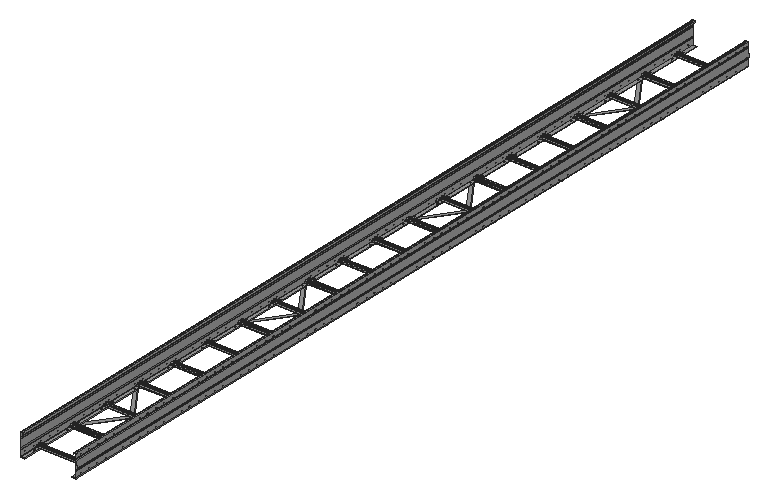
Revit family "WKLG1640", category Generic Models, Revit 2017
Family settings
  Can host rebar = No
  Round Connector Dimension = Use Diameter
  Part Type = Normal
  Work Plane-Based = No
  Always vertical = Yes
  Cut with Voids When Loaded = No
  Shared = No
  Room Calculation Point = No
Parameters (values of type "WKLG 1640 FT SO")
  Width/2 = 400 mm / 2  # 200 mm
  Width 1 = 35 mm
  Width = 400 mm
  URL = "http://obo-bettermann.com"
  Material = Hot-dip galvanised 85 µm
  Manufacturer Art.No. = "7189044"
  Manufacturer = "OBO Bettermann"
  Length = 6000 mm
  Height 1 = 2 mm
  Height = 160 mm
  GTIN = "4012195888543"
  Cut's space 3 = 1500 mm
  Cut's space 2 = 300 mm
  Cut's space = 75 mm
  Cut's number 3 = Length / Cut's space 3  # 4
  Cut's number 2 = Length / Cut's space 2  # 20
  Cut's number = Length / Cut's space  # 80
  Article Type = "WKLG 1640 FT SO"
Reference planes
  plane 1 "Center (Front/Back)": y = 0
  plane 2: z = 0
  plane 3 "Center (Left/Right)": x = 0
  plane 4: x = 199.684
  plane 5: z = 122
  plane 6: z = 52
  plane 7: x = 195.017
  plane 8: x = 200
  plane 9: x = -199.684
  plane 10: z = 122
  plane 11: z = 52
  plane 12: x = -195.017
  plane 13: x = -200
  plane 14: z = 20
  plane 15: y = 37.5
  plane 16: z = 140.031
  plane 17: z = 160.031
  plane 18: y = 37.5
  plane 19: y = 112.5
  plane 20: y = 187.5
  plane 21: y = 262.5
  plane 22: y = 337.5
  plane 23: y = 412.5
  plane 24: y = 487.5
  plane 25: y = 562.5
  plane 26: y = 637.5
  plane 27: y = 712.5
  plane 28: y = 787.5
  plane 29: y = 862.5
  plane 30: y = 937.5
  plane 31: y = 1012.5
  plane 32: y = 1087.5
  plane 33: y = 1162.5
  plane 34: y = 1237.5
  plane 35: y = 1312.5
  plane 36: y = 1387.5
  plane 37: y = 1462.5
  plane 38: y = 1537.5
  plane 39: y = 1612.5
  plane 40: y = 1687.5
  plane 41: y = 1762.5
  plane 42: y = 1837.5
  plane 43: y = 1912.5
  plane 44: y = 1987.5
  plane 45: y = 2062.5
  plane 46: y = 2137.5
  plane 47: y = 2212.5
  plane 48: y = 2287.5
  plane 49: y = 2362.5
  plane 50: y = 2437.5
  plane 51: y = 2512.5
  plane 52: y = 2587.5
  plane 53: y = 2662.5
  plane 54: y = 2737.5
  plane 55: y = 2812.5
  plane 56: y = 2887.5
  plane 57: y = 2962.5
  plane 58: y = 3037.5
  plane 59: y = 3112.5
  plane 60: y = 3187.5
  plane 61: y = 3262.5
  plane 62: y = 3337.5
  plane 63: y = 3412.5
  plane 64: y = 3487.5
  plane 65: y = 3562.5
  plane 66: y = 3637.5
  plane 67: y = 3712.5
  plane 68: y = 3787.5
  plane 69: y = 3862.5
  plane 70: y = 3937.5
  plane 71: y = 4012.5
  plane 72: y = 4087.5
  plane 73: y = 4162.5
  plane 74: y = 4237.5
  plane 75: y = 4312.5
  plane 76: y = 4387.5
  plane 77: y = 4462.5
  plane 78: y = 4537.5
  plane 79: y = 4612.5
  plane 80: y = 4687.5
  plane 81: y = 4762.5
  plane 82: y = 4837.5
  plane 83: y = 4912.5
  plane 84: y = 4987.5
  plane 85: y = 5062.5
  plane 86: y = 5137.5
  plane 87: y = 5212.5
  plane 88: y = 5287.5
  plane 89: y = 5362.5
  plane 90: y = 5437.5
  plane 91: y = 5512.5
  plane 92: y = 5587.5
  plane 93: y = 5662.5
  plane 94: y = 5737.5
  plane 95: y = 5812.5
  plane 96: y = 5887.5
  plane 97: y = 5962.5
  plane 98: y = 37.5
  plane 99: y = 112.5
  plane 100: y = 187.5
  plane 101: y = 262.5
  plane 102: y = 337.5
  plane 103: y = 412.5
  plane 104: y = 487.5
  plane 105: y = 562.5
  plane 106: y = 637.5
  plane 107: y = 712.5
  plane 108: y = 787.5
  plane 109: y = 862.5
  plane 110: y = 937.5
  plane 111: y = 1012.5
  plane 112: y = 1087.5
  plane 113: y = 1162.5
  plane 114: y = 1237.5
  plane 115: y = 1312.5
  plane 116: y = 1387.5
  plane 117: y = 1462.5
  plane 118: y = 1537.5
  plane 119: y = 1612.5
  plane 120: y = 1687.5
  plane 121: y = 1762.5
  plane 122: y = 1837.5
  plane 123: y = 1912.5
  plane 124: y = 1987.5
  plane 125: y = 2062.5
  plane 126: y = 2137.5
  plane 127: y = 2212.5
  plane 128: y = 2287.5
  plane 129: y = 2362.5
  plane 130: y = 2437.5
  plane 131: y = 2512.5
  plane 132: y = 2587.5
  plane 133: y = 2662.5
  plane 134: y = 2737.5
  plane 135: y = 2812.5
  plane 136: y = 2887.5
  plane 137: y = 2962.5
  plane 138: y = 3037.5
  plane 139: y = 3112.5
  plane 140: y = 3187.5
  plane 141: y = 3262.5
  plane 142: y = 3337.5
  plane 143: y = 3412.5
  plane 144: y = 3487.5
  plane 145: y = 3562.5
  plane 146: y = 3637.5
  plane 147: y = 3712.5
  plane 148: y = 3787.5
  plane 149: y = 3862.5
  plane 150: y = 3937.5
  plane 151: y = 4012.5
  plane 152: y = 4087.5
  plane 153: y = 4162.5
  plane 154: y = 4237.5
  plane 155: y = 4312.5
  plane 156: y = 4387.5
  plane 157: y = 4462.5
  plane 158: y = 4537.5
  plane 159: y = 4612.5
  plane 160: y = 4687.5
  plane 161: y = 4762.5
  plane 162: y = 4837.5
  plane 163: y = 4912.5
  plane 164: y = 4987.5
  plane 165: y = 5062.5
  plane 166: y = 5137.5
  plane 167: y = 5212.5
  plane 168: y = 5287.5
  plane 169: y = 5362.5
  plane 170: y = 5437.5
  plane 171: y = 5512.5
  plane 172: y = 5587.5
  plane 173: y = 5662.5
  plane 174: y = 5737.5
  plane 175: y = 5812.5
  plane 176: y = 5887.5
  plane 177: y = 5962.5
  plane 178: y = 150
  plane 179: y = 450
  plane 180: z = 18
  plane 181: x = 211.527
  plane 182: y = 100
  plane 183: y = 200
  plane 184: x = -181.99
  plane 185: x = -184.49
  plane 186: x = -184.49
  plane 187: x = -184.49
  plane 188: x = -184.49
  plane 189: x = -184.49
  plane 190: x = -184.49
  plane 191: x = -184.49
  plane 192: x = -184.49
  plane 193: x = -184.49
  plane 194: x = -184.49
  plane 195: x = -184.49
  plane 196: x = -184.49
  plane 197: x = -184.49
  plane 198: x = -184.49
  plane 199: x = -184.49
  plane 200: x = -184.49
  plane 201: x = -184.49
  plane 202: x = -184.49
  plane 203: x = -184.49
  plane 204: x = -184.49
  plane 205: x = -181.99
  plane 206: x = -184.49
  plane 207: x = -184.49
  plane 208: x = -184.49
  plane 209: x = -184.49
  plane 210: x = -184.49
  plane 211: x = -184.49
  plane 212: x = -184.49
  plane 213: x = -184.49
  plane 214: x = -184.49
  plane 215: x = -184.49
  plane 216: x = -184.49
  plane 217: x = -184.49
  plane 218: x = -184.49
  plane 219: x = -184.49
  plane 220: x = -184.49
  plane 221: x = -184.49
  plane 222: x = -184.49
  plane 223: x = -184.49
  plane 224: x = -184.49
  plane 225: x = -184.49
  plane 226: x = -184.49
  plane 227: y = 100
  plane 228: x = 181.99
  plane 229: x = 184.49
  plane 230: y = 200
  plane 231: x = 181.99
  plane 232: x = 184.49
  plane 233: x = 184.49
  plane 234: x = 184.49
  plane 235: x = 184.49
  plane 236: x = 184.49
  plane 237: x = 184.49
  plane 238: x = 184.49
  plane 239: x = 184.49
  plane 240: x = 184.49
  plane 241: x = 184.49
  plane 242: x = 184.49
  plane 243: x = 184.49
  plane 244: x = 184.49
  plane 245: x = 184.49
  plane 246: x = 184.49
  plane 247: x = 184.49
  plane 248: x = 184.49
  plane 249: x = 184.49
  plane 250: x = 184.49
  plane 251: x = 184.49
  plane 252: x = -187.49
  plane 253: x = -157.49
  plane 254: x = 187.49
  plane 255: x = 157.49
  plane 256: x = 160.99
  plane 257: x = 190.117
  plane 258: x = -154.085
  plane 259: x = -190.24
  plane 260: z = 18
  plane 261: z = 18
  plane 262: x = -157.49
  plane 263: x = 187.49
  plane 264: x = 157.49
  plane 265: x = 160.99
  plane 266: x = 190.117
  plane 267: x = -154.085
  plane 268: x = -190.24
  plane 269: z = 18
  plane 270: x = -157.49
  plane 271: x = 187.49
  plane 272: x = 157.49
  plane 273: x = 160.99
  plane 274: x = 190.117
  plane 275: x = -154.085
  plane 276: x = -190.24
  plane 277: z = 18
  plane 278: x = -157.49
  plane 279: x = 187.49
  plane 280: x = 157.49
  plane 281: x = 160.99
  plane 282: x = 190.117
  plane 283: x = -154.085
  plane 284: x = -190.24
  plane 285: z = 18
  plane 286: x = -157.49
  plane 287: x = 187.49
  plane 288: x = 157.49
  plane 289: x = 160.99
  plane 290: x = 190.117
  plane 291: x = -154.085
  plane 292: x = -190.24
  plane 293: z = 18
  plane 294: x = -157.49
  plane 295: x = 187.49
  plane 296: x = 157.49
  plane 297: x = 160.99
  plane 298: x = 190.117
  plane 299: x = -154.085
  plane 300: x = -190.24
  plane 301: z = 18
  plane 302: x = -157.49
  plane 303: x = 187.49
  plane 304: x = 157.49
  plane 305: x = 160.99
  plane 306: x = 190.117
  plane 307: x = -154.085
  plane 308: x = -190.24
  plane 309: z = 18
  plane 310: x = -157.49
  plane 311: x = 187.49
  plane 312: x = 157.49
  plane 313: x = 160.99
  plane 314: x = 190.117
  plane 315: x = -154.085
  plane 316: x = -190.24
  plane 317: z = 18
  plane 318: x = -157.49
  plane 319: x = 187.49
  plane 320: x = 157.49
  plane 321: x = 160.99
  plane 322: x = 190.117
  plane 323: x = -154.085
  plane 324: x = -190.24
  plane 325: z = 18
  plane 326: x = -157.49
  plane 327: x = 187.49
  plane 328: x = 157.49
  plane 329: x = 160.99
  plane 330: x = 190.117
  plane 331: x = -154.085
  plane 332: x = -190.24
  plane 333: z = 18
  plane 334: x = -157.49
  plane 335: x = 187.49
  plane 336: x = 157.49
  plane 337: x = 160.99
  plane 338: x = 190.117
  plane 339: x = -154.085
  plane 340: x = -190.24
  plane 341: z = 18
  plane 342: x = -157.49
  plane 343: x = 187.49
  plane 344: x = 157.49
  plane 345: x = 160.99
  plane 346: x = 190.117
  plane 347: x = -154.085
  plane 348: x = -190.24
  plane 349: z = 18
  plane 350: x = -157.49
  plane 351: x = 187.49
  plane 352: x = 157.49
  plane 353: x = 160.99
  plane 354: x = 190.117
  plane 355: x = -154.085
  plane 356: x = -190.24
  plane 357: z = 18
  plane 358: x = -157.49
  plane 359: x = 187.49
  plane 360: x = 157.49
  plane 361: x = 160.99
  plane 362: x = 190.117
  plane 363: x = -154.085
  plane 364: x = -190.24
  plane 365: z = 18
  plane 366: x = -157.49
  plane 367: x = 187.49
  plane 368: x = 157.49
  plane 369: x = 160.99
  plane 370: x = 190.117
  plane 371: x = -154.085
  plane 372: x = -190.24
  plane 373: z = 18
  plane 374: x = -157.49
  plane 375: x = 187.49
  plane 376: x = 157.49
  plane 377: x = 160.99
  plane 378: x = 190.117
  plane 379: x = -154.085
  plane 380: x = -190.24
  plane 381: z = 18
  plane 382: x = -157.49
  plane 383: x = 187.49
  plane 384: x = 157.49
  plane 385: x = 160.99
  plane 386: x = 190.117
  plane 387: x = -154.085
  plane 388: x = -190.24
  plane 389: z = 18
  plane 390: x = -157.49
  plane 391: x = 187.49
  plane 392: x = 157.49
  plane 393: x = 160.99
  plane 394: x = 190.117
  plane 395: x = -154.085
  plane 396: x = -190.24
  plane 397: z = 18
  plane 398: x = -157.49
  plane 399: x = 187.49
  plane 400: x = 157.49
  plane 401: x = 160.99
  plane 402: x = 190.117
  plane 403: x = -154.085
  plane 404: x = -190.24
  plane 405: z = 18
  plane 406: x = -157.49
  plane 407: x = 187.49
  plane 408: x = 157.49
  plane 409: x = 160.99
  plane 410: x = 190.117
  plane 411: x = -154.085
  plane 412: x = -190.24
Forms (mm)
  Extrusion 1, solid, material "Hot-dip galvanised 85 µm" <- "Material"
    sketch origin (49.684, 0, 0) x (1, 0, 0) y (0, 0, 1)
      loop
        line (130, 150) -> (132, 150) -> (132, 157)
        arc (132, 157) -> (132.293, 157.707) -> (133, 158) r 1
        line (133, 158) -> (147, 158)
        arc (147, 158) -> (147.707, 157.707) -> (148, 157) r 1
        line (148, 157) -> (148, 129.13)
        arc (148, 129.13) -> (147.908, 128.528) -> (147.639, 127.983) r 2
        line (147.639, 127.983) -> (146.522, 126.387)
        arc (146.522, 126.387) -> (145.265, 122.029) -> (146.944, 117.816) r 6.999
        line (146.944, 117.816) -> (147.725, 117.038)
        arc (147.725, 117.038) -> (148.162, 116.387) -> (148.316, 115.618) r 2.004
        line (148.316, 115.618) -> (148.316, 59.74)
        arc (148.316, 59.74) -> (148.24, 59.196) -> (148.019, 58.692) r 2
        line (148.019, 58.692) -> (146.548, 56.3)
        arc (146.548, 56.3) -> (145.529, 52.12) -> (147.148, 48.133) r 7
        line (147.148, 48.133) -> (147.838, 47.312)
        arc (147.838, 47.312) -> (148.185, 46.71) -> (148.305, 46.026) r 2
        line (148.305, 46.026) -> (148.305, 3.5)
        arc (148.305, 3.5) -> (147.866, 2.439) -> (146.805, 2) r 1.5
        line (146.805, 2) -> (115, 2) -> (115, 0) -> (147.305, 0)
        arc (147.305, 0) -> (149.427, 0.879) -> (150.305, 3) r 3
        line (150.305, 3) -> (150.305, 46.026)
        arc (150.305, 46.026) -> (150.064, 47.394) -> (149.37, 48.597) r 4
        line (149.37, 48.597) -> (148.68, 49.419)
        arc (148.68, 49.419) -> (147.524, 52.266) -> (148.251, 55.252) r 5
        line (148.251, 55.252) -> (149.723, 57.645)
        arc (149.723, 57.645) -> (150.165, 58.651) -> (150.316, 59.74) r 4
        line (150.316, 59.74) -> (150.316, 115.618)
        arc (150.316, 115.618) -> (150.001, 117.152) -> (149.134, 118.45) r 4
        line (149.134, 118.45) -> (148.415, 119.169)
        arc (148.415, 119.169) -> (147.259, 122.161) -> (148.159, 125.239) r 5
        line (148.159, 125.239) -> (149.277, 126.836)
        arc (149.277, 126.836) -> (149.815, 127.927) -> (150, 129.13) r 4
        line (150, 129.13) -> (150, 157)
        arc (150, 157) -> (149.121, 159.121) -> (147, 160) r 3
        line (147, 160) -> (133, 160)
        arc (133, 160) -> (130.879, 159.121) -> (130, 157) r 3
        line (130, 157) -> (130, 150)
    from -6000 to 0
  Extrusion 2, solid, material "Hot-dip galvanised 85 µm" <- "Material"
    sketch origin (-49.684, 0, 0) x (-1, 0, 0) y (0, 0, -1)
      loop
        line (130, -150) -> (130, -157)
        arc (130, -157) -> (130.879, -159.121) -> (133, -160) r 3
        line (133, -160) -> (147, -160)
        arc (147, -160) -> (149.121, -159.121) -> (150, -157) r 3
        line (150, -157) -> (150, -129.13)
        arc (150, -129.13) -> (149.815, -127.927) -> (149.277, -126.836) r 4
        line (149.277, -126.836) -> (148.159, -125.239)
        arc (148.159, -125.239) -> (147.259, -122.161) -> (148.415, -119.169) r 5
        line (148.415, -119.169) -> (149.134, -118.45)
        arc (149.134, -118.45) -> (150.001, -117.152) -> (150.316, -115.618) r 4
        line (150.316, -115.618) -> (150.316, -59.74)
        arc (150.316, -59.74) -> (150.165, -58.651) -> (149.723, -57.645) r 4
        line (149.723, -57.645) -> (148.251, -55.252)
        arc (148.251, -55.252) -> (147.524, -52.266) -> (148.68, -49.419) r 5
        line (148.68, -49.419) -> (149.37, -48.597)
        arc (149.37, -48.597) -> (150.064, -47.394) -> (150.305, -46.026) r 4
        line (150.305, -46.026) -> (150.305, -3)
        arc (150.305, -3) -> (149.427, -0.879) -> (147.305, 0) r 3
        line (147.305, 0) -> (115, 0) -> (115, -2) -> (146.805, -2)
        arc (146.805, -2) -> (147.866, -2.439) -> (148.305, -3.5) r 1.5
        line (148.305, -3.5) -> (148.305, -46.026)
        arc (148.305, -46.026) -> (148.185, -46.71) -> (147.838, -47.312) r 2
        line (147.838, -47.312) -> (147.148, -48.133)
        arc (147.148, -48.133) -> (145.529, -52.12) -> (146.548, -56.3) r 7
        line (146.548, -56.3) -> (148.019, -58.692)
        arc (148.019, -58.692) -> (148.24, -59.196) -> (148.316, -59.74) r 2
        line (148.316, -59.74) -> (148.316, -115.618)
        arc (148.316, -115.618) -> (148.162, -116.387) -> (147.725, -117.038) r 2.004
        line (147.725, -117.038) -> (146.944, -117.816)
        arc (146.944, -117.816) -> (145.265, -122.029) -> (146.522, -126.387) r 6.999
        line (146.522, -126.387) -> (147.639, -127.983)
        arc (147.639, -127.983) -> (147.908, -128.528) -> (148, -129.13) r 2
        line (148, -129.13) -> (148, -157)
        arc (148, -157) -> (147.707, -157.707) -> (147, -158) r 1
        line (147, -158) -> (133, -158)
        arc (133, -158) -> (132.293, -157.707) -> (132, -157) r 1
        line (132, -157) -> (132, -150) -> (130, -150)
    from -6000 to 0
  Extrusion 3, void
    sketch origin (0, 0, 0) x (0, 1, 0) y (0, 0, 1)
      loop
        arc (25.5, 24.5) -> (25.146, 24.354) -> (25, 24) r 0.5
        line (25, 24) -> (25, 16)
        arc (25, 16) -> (25.146, 15.646) -> (25.5, 15.5) r 0.5
        line (25.5, 15.5) -> (49.5, 15.5)
        arc (49.5, 15.5) -> (49.854, 15.646) -> (50, 16) r 0.5
        line (50, 16) -> (50, 23.963)
        arc (50, 23.963) -> (49.843, 24.343) -> (49.463, 24.5) r 0.537
        line (49.463, 24.5) -> (25.5, 24.5)
    from 198 to 199.99
  Extrusion 4, void
    sketch origin (0, 75, 0) x (0, 1, 0) y (0, 0, 1)
      loop
        arc (25.5, 24.5) -> (25.146, 24.354) -> (25, 24) r 0.5
        line (25, 24) -> (25, 16)
        arc (25, 16) -> (25.146, 15.646) -> (25.5, 15.5) r 0.5
        line (25.5, 15.5) -> (49.5, 15.5)
        arc (49.5, 15.5) -> (49.854, 15.646) -> (50, 16) r 0.5
        line (50, 16) -> (50, 23.963)
        arc (50, 23.963) -> (49.843, 24.343) -> (49.463, 24.5) r 0.537
        line (49.463, 24.5) -> (25.5, 24.5)
    from 198 to 199.99
  Extrusion 5, void
    sketch origin (0, 150, 0) x (0, 1, 0) y (0, 0, 1)
      loop
        arc (25.5, 24.5) -> (25.146, 24.354) -> (25, 24) r 0.5
        line (25, 24) -> (25, 16)
        arc (25, 16) -> (25.146, 15.646) -> (25.5, 15.5) r 0.5
        line (25.5, 15.5) -> (49.5, 15.5)
        arc (49.5, 15.5) -> (49.854, 15.646) -> (50, 16) r 0.5
        line (50, 16) -> (50, 23.963)
        arc (50, 23.963) -> (49.843, 24.343) -> (49.463, 24.5) r 0.537
        line (49.463, 24.5) -> (25.5, 24.5)
    from 198 to 199.99
  Extrusion 6, void
    sketch origin (0, 225, 0) x (0, 1, 0) y (0, 0, 1)
      loop
        arc (25.5, 24.5) -> (25.146, 24.354) -> (25, 24) r 0.5
        line (25, 24) -> (25, 16)
        arc (25, 16) -> (25.146, 15.646) -> (25.5, 15.5) r 0.5
        line (25.5, 15.5) -> (49.5, 15.5)
        arc (49.5, 15.5) -> (49.854, 15.646) -> (50, 16) r 0.5
        line (50, 16) -> (50, 23.963)
        arc (50, 23.963) -> (49.843, 24.343) -> (49.463, 24.5) r 0.537
        line (49.463, 24.5) -> (25.5, 24.5)
    from 198 to 199.99
  Extrusion 7, void
    sketch origin (0, 300, 0) x (0, 1, 0) y (0, 0, 1)
      loop
        arc (25.5, 24.5) -> (25.146, 24.354) -> (25, 24) r 0.5
        line (25, 24) -> (25, 16)
        arc (25, 16) -> (25.146, 15.646) -> (25.5, 15.5) r 0.5
        line (25.5, 15.5) -> (49.5, 15.5)
        arc (49.5, 15.5) -> (49.854, 15.646) -> (50, 16) r 0.5
        line (50, 16) -> (50, 23.963)
        arc (50, 23.963) -> (49.843, 24.343) -> (49.463, 24.5) r 0.537
        line (49.463, 24.5) -> (25.5, 24.5)
    from 198 to 199.99
  Extrusion 8, void
    sketch origin (0, 375, 0) x (0, 1, 0) y (0, 0, 1)
      loop
        arc (25.5, 24.5) -> (25.146, 24.354) -> (25, 24) r 0.5
        line (25, 24) -> (25, 16)
        arc (25, 16) -> (25.146, 15.646) -> (25.5, 15.5) r 0.5
        line (25.5, 15.5) -> (49.5, 15.5)
        arc (49.5, 15.5) -> (49.854, 15.646) -> (50, 16) r 0.5
        line (50, 16) -> (50, 23.963)
        arc (50, 23.963) -> (49.843, 24.343) -> (49.463, 24.5) r 0.537
        line (49.463, 24.5) -> (25.5, 24.5)
    from 198 to 199.99
  Extrusion 9, void
    sketch origin (0, 450, 0) x (0, 1, 0) y (0, 0, 1)
      loop
        arc (25.5, 24.5) -> (25.146, 24.354) -> (25, 24) r 0.5
        line (25, 24) -> (25, 16)
        arc (25, 16) -> (25.146, 15.646) -> (25.5, 15.5) r 0.5
        line (25.5, 15.5) -> (49.5, 15.5)
        arc (49.5, 15.5) -> (49.854, 15.646) -> (50, 16) r 0.5
        line (50, 16) -> (50, 23.963)
        arc (50, 23.963) -> (49.843, 24.343) -> (49.463, 24.5) r 0.537
        line (49.463, 24.5) -> (25.5, 24.5)
    from 198 to 199.99
  Extrusion 10, void
    sketch origin (0, 525, 0) x (0, 1, 0) y (0, 0, 1)
      loop
        arc (25.5, 24.5) -> (25.146, 24.354) -> (25, 24) r 0.5
        line (25, 24) -> (25, 16)
        arc (25, 16) -> (25.146, 15.646) -> (25.5, 15.5) r 0.5
        line (25.5, 15.5) -> (49.5, 15.5)
        arc (49.5, 15.5) -> (49.854, 15.646) -> (50, 16) r 0.5
        line (50, 16) -> (50, 23.963)
        arc (50, 23.963) -> (49.843, 24.343) -> (49.463, 24.5) r 0.537
        line (49.463, 24.5) -> (25.5, 24.5)
    from 198 to 199.99
  Extrusion 11, void
    sketch origin (0, 600, 0) x (0, 1, 0) y (0, 0, 1)
      loop
        arc (25.5, 24.5) -> (25.146, 24.354) -> (25, 24) r 0.5
        line (25, 24) -> (25, 16)
        arc (25, 16) -> (25.146, 15.646) -> (25.5, 15.5) r 0.5
        line (25.5, 15.5) -> (49.5, 15.5)
        arc (49.5, 15.5) -> (49.854, 15.646) -> (50, 16) r 0.5
        line (50, 16) -> (50, 23.963)
        arc (50, 23.963) -> (49.843, 24.343) -> (49.463, 24.5) r 0.537
        line (49.463, 24.5) -> (25.5, 24.5)
    from 198 to 199.99
  Extrusion 12, void
    sketch origin (0, 675, 0) x (0, 1, 0) y (0, 0, 1)
      loop
        arc (25.5, 24.5) -> (25.146, 24.354) -> (25, 24) r 0.5
        line (25, 24) -> (25, 16)
        arc (25, 16) -> (25.146, 15.646) -> (25.5, 15.5) r 0.5
        line (25.5, 15.5) -> (49.5, 15.5)
        arc (49.5, 15.5) -> (49.854, 15.646) -> (50, 16) r 0.5
        line (50, 16) -> (50, 23.963)
        arc (50, 23.963) -> (49.843, 24.343) -> (49.463, 24.5) r 0.537
        line (49.463, 24.5) -> (25.5, 24.5)
    from 198 to 199.99
  Extrusion 13, void
    sketch origin (0, 750, 0) x (0, 1, 0) y (0, 0, 1)
      loop
        arc (25.5, 24.5) -> (25.146, 24.354) -> (25, 24) r 0.5
        line (25, 24) -> (25, 16)
        arc (25, 16) -> (25.146, 15.646) -> (25.5, 15.5) r 0.5
        line (25.5, 15.5) -> (49.5, 15.5)
        arc (49.5, 15.5) -> (49.854, 15.646) -> (50, 16) r 0.5
        line (50, 16) -> (50, 23.963)
        arc (50, 23.963) -> (49.843, 24.343) -> (49.463, 24.5) r 0.537
        line (49.463, 24.5) -> (25.5, 24.5)
    from 198 to 199.99
  Extrusion 14, void
    sketch origin (0, 825, 0) x (0, 1, 0) y (0, 0, 1)
      loop
        arc (25.5, 24.5) -> (25.146, 24.354) -> (25, 24) r 0.5
        line (25, 24) -> (25, 16)
        arc (25, 16) -> (25.146, 15.646) -> (25.5, 15.5) r 0.5
        line (25.5, 15.5) -> (49.5, 15.5)
        arc (49.5, 15.5) -> (49.854, 15.646) -> (50, 16) r 0.5
        line (50, 16) -> (50, 23.963)
        arc (50, 23.963) -> (49.843, 24.343) -> (49.463, 24.5) r 0.537
        line (49.463, 24.5) -> (25.5, 24.5)
    from 198 to 199.99
  Extrusion 15, void
    sketch origin (0, 900, 0) x (0, 1, 0) y (0, 0, 1)
      loop
        arc (25.5, 24.5) -> (25.146, 24.354) -> (25, 24) r 0.5
        line (25, 24) -> (25, 16)
        arc (25, 16) -> (25.146, 15.646) -> (25.5, 15.5) r 0.5
        line (25.5, 15.5) -> (49.5, 15.5)
        arc (49.5, 15.5) -> (49.854, 15.646) -> (50, 16) r 0.5
        line (50, 16) -> (50, 23.963)
        arc (50, 23.963) -> (49.843, 24.343) -> (49.463, 24.5) r 0.537
        line (49.463, 24.5) -> (25.5, 24.5)
    from 198 to 199.99
  Extrusion 16, void
    sketch origin (0, 975, 0) x (0, 1, 0) y (0, 0, 1)
      loop
        arc (25.5, 24.5) -> (25.146, 24.354) -> (25, 24) r 0.5
        line (25, 24) -> (25, 16)
        arc (25, 16) -> (25.146, 15.646) -> (25.5, 15.5) r 0.5
        line (25.5, 15.5) -> (49.5, 15.5)
        arc (49.5, 15.5) -> (49.854, 15.646) -> (50, 16) r 0.5
        line (50, 16) -> (50, 23.963)
        arc (50, 23.963) -> (49.843, 24.343) -> (49.463, 24.5) r 0.537
        line (49.463, 24.5) -> (25.5, 24.5)
    from 198 to 199.99
  Extrusion 17, void
    sketch origin (0, 1050, 0) x (0, 1, 0) y (0, 0, 1)
      loop
        arc (25.5, 24.5) -> (25.146, 24.354) -> (25, 24) r 0.5
        line (25, 24) -> (25, 16)
        arc (25, 16) -> (25.146, 15.646) -> (25.5, 15.5) r 0.5
        line (25.5, 15.5) -> (49.5, 15.5)
        arc (49.5, 15.5) -> (49.854, 15.646) -> (50, 16) r 0.5
        line (50, 16) -> (50, 23.963)
        arc (50, 23.963) -> (49.843, 24.343) -> (49.463, 24.5) r 0.537
        line (49.463, 24.5) -> (25.5, 24.5)
    from 198 to 199.99
  Extrusion 18, void
    sketch origin (0, 1125, 0) x (0, 1, 0) y (0, 0, 1)
      loop
        arc (25.5, 24.5) -> (25.146, 24.354) -> (25, 24) r 0.5
        line (25, 24) -> (25, 16)
        arc (25, 16) -> (25.146, 15.646) -> (25.5, 15.5) r 0.5
        line (25.5, 15.5) -> (49.5, 15.5)
        arc (49.5, 15.5) -> (49.854, 15.646) -> (50, 16) r 0.5
        line (50, 16) -> (50, 23.963)
        arc (50, 23.963) -> (49.843, 24.343) -> (49.463, 24.5) r 0.537
        line (49.463, 24.5) -> (25.5, 24.5)
    from 198 to 199.99
  Extrusion 19, void
    sketch origin (0, 1200, 0) x (0, 1, 0) y (0, 0, 1)
      loop
        arc (25.5, 24.5) -> (25.146, 24.354) -> (25, 24) r 0.5
        line (25, 24) -> (25, 16)
        arc (25, 16) -> (25.146, 15.646) -> (25.5, 15.5) r 0.5
        line (25.5, 15.5) -> (49.5, 15.5)
        arc (49.5, 15.5) -> (49.854, 15.646) -> (50, 16) r 0.5
        line (50, 16) -> (50, 23.963)
        arc (50, 23.963) -> (49.843, 24.343) -> (49.463, 24.5) r 0.537
        line (49.463, 24.5) -> (25.5, 24.5)
    from 198 to 199.99
  Extrusion 20, void
    sketch origin (0, 1275, 0) x (0, 1, 0) y (0, 0, 1)
      loop
        arc (25.5, 24.5) -> (25.146, 24.354) -> (25, 24) r 0.5
        line (25, 24) -> (25, 16)
        arc (25, 16) -> (25.146, 15.646) -> (25.5, 15.5) r 0.5
        line (25.5, 15.5) -> (49.5, 15.5)
        arc (49.5, 15.5) -> (49.854, 15.646) -> (50, 16) r 0.5
        line (50, 16) -> (50, 23.963)
        arc (50, 23.963) -> (49.843, 24.343) -> (49.463, 24.5) r 0.537
        line (49.463, 24.5) -> (25.5, 24.5)
    from 198 to 199.99
  Extrusion 21, void
    sketch origin (0, 1350, 0) x (0, 1, 0) y (0, 0, 1)
      loop
        arc (25.5, 24.5) -> (25.146, 24.354) -> (25, 24) r 0.5
        line (25, 24) -> (25, 16)
        arc (25, 16) -> (25.146, 15.646) -> (25.5, 15.5) r 0.5
        line (25.5, 15.5) -> (49.5, 15.5)
        arc (49.5, 15.5) -> (49.854, 15.646) -> (50, 16) r 0.5
        line (50, 16) -> (50, 23.963)
        arc (50, 23.963) -> (49.843, 24.343) -> (49.463, 24.5) r 0.537
        line (49.463, 24.5) -> (25.5, 24.5)
    from 198 to 199.99
  Extrusion 22, void
    sketch origin (0, 1425, 0) x (0, 1, 0) y (0, 0, 1)
      loop
        arc (25.5, 24.5) -> (25.146, 24.354) -> (25, 24) r 0.5
        line (25, 24) -> (25, 16)
        arc (25, 16) -> (25.146, 15.646) -> (25.5, 15.5) r 0.5
        line (25.5, 15.5) -> (49.5, 15.5)
        arc (49.5, 15.5) -> (49.854, 15.646) -> (50, 16) r 0.5
        line (50, 16) -> (50, 23.963)
        arc (50, 23.963) -> (49.843, 24.343) -> (49.463, 24.5) r 0.537
        line (49.463, 24.5) -> (25.5, 24.5)
    from 198 to 199.99
  Extrusion 23, void
    sketch origin (0, 1500, 0) x (0, 1, 0) y (0, 0, 1)
      loop
        arc (25.5, 24.5) -> (25.146, 24.354) -> (25, 24) r 0.5
        line (25, 24) -> (25, 16)
        arc (25, 16) -> (25.146, 15.646) -> (25.5, 15.5) r 0.5
        line (25.5, 15.5) -> (49.5, 15.5)
        arc (49.5, 15.5) -> (49.854, 15.646) -> (50, 16) r 0.5
        line (50, 16) -> (50, 23.963)
        arc (50, 23.963) -> (49.843, 24.343) -> (49.463, 24.5) r 0.537
        line (49.463, 24.5) -> (25.5, 24.5)
    from 198 to 199.99
  Extrusion 24, void
    sketch origin (0, 1575, 0) x (0, 1, 0) y (0, 0, 1)
      loop
        arc (25.5, 24.5) -> (25.146, 24.354) -> (25, 24) r 0.5
        line (25, 24) -> (25, 16)
        arc (25, 16) -> (25.146, 15.646) -> (25.5, 15.5) r 0.5
        line (25.5, 15.5) -> (49.5, 15.5)
        arc (49.5, 15.5) -> (49.854, 15.646) -> (50, 16) r 0.5
        line (50, 16) -> (50, 23.963)
        arc (50, 23.963) -> (49.843, 24.343) -> (49.463, 24.5) r 0.537
        line (49.463, 24.5) -> (25.5, 24.5)
    from 198 to 199.99
  Extrusion 25, void
    sketch origin (0, 1650, 0) x (0, 1, 0) y (0, 0, 1)
      loop
        arc (25.5, 24.5) -> (25.146, 24.354) -> (25, 24) r 0.5
        line (25, 24) -> (25, 16)
        arc (25, 16) -> (25.146, 15.646) -> (25.5, 15.5) r 0.5
        line (25.5, 15.5) -> (49.5, 15.5)
        arc (49.5, 15.5) -> (49.854, 15.646) -> (50, 16) r 0.5
        line (50, 16) -> (50, 23.963)
        arc (50, 23.963) -> (49.843, 24.343) -> (49.463, 24.5) r 0.537
        line (49.463, 24.5) -> (25.5, 24.5)
    from 198 to 199.99
  Extrusion 26, void
    sketch origin (0, 1725, 0) x (0, 1, 0) y (0, 0, 1)
      loop
        arc (25.5, 24.5) -> (25.146, 24.354) -> (25, 24) r 0.5
        line (25, 24) -> (25, 16)
        arc (25, 16) -> (25.146, 15.646) -> (25.5, 15.5) r 0.5
        line (25.5, 15.5) -> (49.5, 15.5)
        arc (49.5, 15.5) -> (49.854, 15.646) -> (50, 16) r 0.5
        line (50, 16) -> (50, 23.963)
        arc (50, 23.963) -> (49.843, 24.343) -> (49.463, 24.5) r 0.537
        line (49.463, 24.5) -> (25.5, 24.5)
    from 198 to 199.99
  Extrusion 27, void
    sketch origin (0, 1800, 0) x (0, 1, 0) y (0, 0, 1)
      loop
        arc (25.5, 24.5) -> (25.146, 24.354) -> (25, 24) r 0.5
        line (25, 24) -> (25, 16)
        arc (25, 16) -> (25.146, 15.646) -> (25.5, 15.5) r 0.5
        line (25.5, 15.5) -> (49.5, 15.5)
        arc (49.5, 15.5) -> (49.854, 15.646) -> (50, 16) r 0.5
        line (50, 16) -> (50, 23.963)
        arc (50, 23.963) -> (49.843, 24.343) -> (49.463, 24.5) r 0.537
        line (49.463, 24.5) -> (25.5, 24.5)
    from 198 to 199.99
  Extrusion 28, void
    sketch origin (0, 1875, 0) x (0, 1, 0) y (0, 0, 1)
      loop
        arc (25.5, 24.5) -> (25.146, 24.354) -> (25, 24) r 0.5
        line (25, 24) -> (25, 16)
        arc (25, 16) -> (25.146, 15.646) -> (25.5, 15.5) r 0.5
        line (25.5, 15.5) -> (49.5, 15.5)
        arc (49.5, 15.5) -> (49.854, 15.646) -> (50, 16) r 0.5
        line (50, 16) -> (50, 23.963)
        arc (50, 23.963) -> (49.843, 24.343) -> (49.463, 24.5) r 0.537
        line (49.463, 24.5) -> (25.5, 24.5)
    from 198 to 199.99
  Extrusion 29, void
    sketch origin (0, 1950, 0) x (0, 1, 0) y (0, 0, 1)
      loop
        arc (25.5, 24.5) -> (25.146, 24.354) -> (25, 24) r 0.5
        line (25, 24) -> (25, 16)
        arc (25, 16) -> (25.146, 15.646) -> (25.5, 15.5) r 0.5
        line (25.5, 15.5) -> (49.5, 15.5)
        arc (49.5, 15.5) -> (49.854, 15.646) -> (50, 16) r 0.5
        line (50, 16) -> (50, 23.963)
        arc (50, 23.963) -> (49.843, 24.343) -> (49.463, 24.5) r 0.537
        line (49.463, 24.5) -> (25.5, 24.5)
    from 198 to 199.99
  Extrusion 30, void
    sketch origin (0, 2025, 0) x (0, 1, 0) y (0, 0, 1)
      loop
        arc (25.5, 24.5) -> (25.146, 24.354) -> (25, 24) r 0.5
        line (25, 24) -> (25, 16)
        arc (25, 16) -> (25.146, 15.646) -> (25.5, 15.5) r 0.5
        line (25.5, 15.5) -> (49.5, 15.5)
        arc (49.5, 15.5) -> (49.854, 15.646) -> (50, 16) r 0.5
        line (50, 16) -> (50, 23.963)
        arc (50, 23.963) -> (49.843, 24.343) -> (49.463, 24.5) r 0.537
        line (49.463, 24.5) -> (25.5, 24.5)
    from 198 to 199.99
  Extrusion 31, void
    sketch origin (0, 2100, 0) x (0, 1, 0) y (0, 0, 1)
      loop
        arc (25.5, 24.5) -> (25.146, 24.354) -> (25, 24) r 0.5
        line (25, 24) -> (25, 16)
        arc (25, 16) -> (25.146, 15.646) -> (25.5, 15.5) r 0.5
        line (25.5, 15.5) -> (49.5, 15.5)
        arc (49.5, 15.5) -> (49.854, 15.646) -> (50, 16) r 0.5
        line (50, 16) -> (50, 23.963)
        arc (50, 23.963) -> (49.843, 24.343) -> (49.463, 24.5) r 0.537
        line (49.463, 24.5) -> (25.5, 24.5)
    from 198 to 199.99
  Extrusion 32, void
    sketch origin (0, 2175, 0) x (0, 1, 0) y (0, 0, 1)
      loop
        arc (25.5, 24.5) -> (25.146, 24.354) -> (25, 24) r 0.5
        line (25, 24) -> (25, 16)
        arc (25, 16) -> (25.146, 15.646) -> (25.5, 15.5) r 0.5
        line (25.5, 15.5) -> (49.5, 15.5)
        arc (49.5, 15.5) -> (49.854, 15.646) -> (50, 16) r 0.5
        line (50, 16) -> (50, 23.963)
        arc (50, 23.963) -> (49.843, 24.343) -> (49.463, 24.5) r 0.537
        line (49.463, 24.5) -> (25.5, 24.5)
    from 198 to 199.99
  Extrusion 33, void
    sketch origin (0, 2250, 0) x (0, 1, 0) y (0, 0, 1)
      loop
        arc (25.5, 24.5) -> (25.146, 24.354) -> (25, 24) r 0.5
        line (25, 24) -> (25, 16)
        arc (25, 16) -> (25.146, 15.646) -> (25.5, 15.5) r 0.5
        line (25.5, 15.5) -> (49.5, 15.5)
        arc (49.5, 15.5) -> (49.854, 15.646) -> (50, 16) r 0.5
        line (50, 16) -> (50, 23.963)
        arc (50, 23.963) -> (49.843, 24.343) -> (49.463, 24.5) r 0.537
        line (49.463, 24.5) -> (25.5, 24.5)
    from 198 to 199.99
  Extrusion 34, void
    sketch origin (0, 2325, 0) x (0, 1, 0) y (0, 0, 1)
      loop
        arc (25.5, 24.5) -> (25.146, 24.354) -> (25, 24) r 0.5
        line (25, 24) -> (25, 16)
        arc (25, 16) -> (25.146, 15.646) -> (25.5, 15.5) r 0.5
        line (25.5, 15.5) -> (49.5, 15.5)
        arc (49.5, 15.5) -> (49.854, 15.646) -> (50, 16) r 0.5
        line (50, 16) -> (50, 23.963)
        arc (50, 23.963) -> (49.843, 24.343) -> (49.463, 24.5) r 0.537
        line (49.463, 24.5) -> (25.5, 24.5)
    from 198 to 199.99
  Extrusion 35, void
    sketch origin (0, 2400, 0) x (0, 1, 0) y (0, 0, 1)
      loop
        arc (25.5, 24.5) -> (25.146, 24.354) -> (25, 24) r 0.5
        line (25, 24) -> (25, 16)
        arc (25, 16) -> (25.146, 15.646) -> (25.5, 15.5) r 0.5
        line (25.5, 15.5) -> (49.5, 15.5)
        arc (49.5, 15.5) -> (49.854, 15.646) -> (50, 16) r 0.5
        line (50, 16) -> (50, 23.963)
        arc (50, 23.963) -> (49.843, 24.343) -> (49.463, 24.5) r 0.537
        line (49.463, 24.5) -> (25.5, 24.5)
    from 198 to 199.99
  Extrusion 36, void
    sketch origin (0, 2475, 0) x (0, 1, 0) y (0, 0, 1)
      loop
        arc (25.5, 24.5) -> (25.146, 24.354) -> (25, 24) r 0.5
        line (25, 24) -> (25, 16)
        arc (25, 16) -> (25.146, 15.646) -> (25.5, 15.5) r 0.5
        line (25.5, 15.5) -> (49.5, 15.5)
        arc (49.5, 15.5) -> (49.854, 15.646) -> (50, 16) r 0.5
        line (50, 16) -> (50, 23.963)
        arc (50, 23.963) -> (49.843, 24.343) -> (49.463, 24.5) r 0.537
        line (49.463, 24.5) -> (25.5, 24.5)
    from 198 to 199.99
  Extrusion 37, void
    sketch origin (0, 2550, 0) x (0, 1, 0) y (0, 0, 1)
      loop
        arc (25.5, 24.5) -> (25.146, 24.354) -> (25, 24) r 0.5
        line (25, 24) -> (25, 16)
        arc (25, 16) -> (25.146, 15.646) -> (25.5, 15.5) r 0.5
        line (25.5, 15.5) -> (49.5, 15.5)
        arc (49.5, 15.5) -> (49.854, 15.646) -> (50, 16) r 0.5
        line (50, 16) -> (50, 23.963)
        arc (50, 23.963) -> (49.843, 24.343) -> (49.463, 24.5) r 0.537
        line (49.463, 24.5) -> (25.5, 24.5)
    from 198 to 199.99
  Extrusion 38, void
    sketch origin (0, 2625, 0) x (0, 1, 0) y (0, 0, 1)
      loop
        arc (25.5, 24.5) -> (25.146, 24.354) -> (25, 24) r 0.5
        line (25, 24) -> (25, 16)
        arc (25, 16) -> (25.146, 15.646) -> (25.5, 15.5) r 0.5
        line (25.5, 15.5) -> (49.5, 15.5)
        arc (49.5, 15.5) -> (49.854, 15.646) -> (50, 16) r 0.5
        line (50, 16) -> (50, 23.963)
        arc (50, 23.963) -> (49.843, 24.343) -> (49.463, 24.5) r 0.537
        line (49.463, 24.5) -> (25.5, 24.5)
    from 198 to 199.99
  Extrusion 39, void
    sketch origin (0, 2700, 0) x (0, 1, 0) y (0, 0, 1)
      loop
        arc (25.5, 24.5) -> (25.146, 24.354) -> (25, 24) r 0.5
        line (25, 24) -> (25, 16)
        arc (25, 16) -> (25.146, 15.646) -> (25.5, 15.5) r 0.5
        line (25.5, 15.5) -> (49.5, 15.5)
        arc (49.5, 15.5) -> (49.854, 15.646) -> (50, 16) r 0.5
        line (50, 16) -> (50, 23.963)
        arc (50, 23.963) -> (49.843, 24.343) -> (49.463, 24.5) r 0.537
        line (49.463, 24.5) -> (25.5, 24.5)
    from 198 to 199.99
  Extrusion 40, void
    sketch origin (0, 2775, 0) x (0, 1, 0) y (0, 0, 1)
      loop
        arc (25.5, 24.5) -> (25.146, 24.354) -> (25, 24) r 0.5
        line (25, 24) -> (25, 16)
        arc (25, 16) -> (25.146, 15.646) -> (25.5, 15.5) r 0.5
        line (25.5, 15.5) -> (49.5, 15.5)
        arc (49.5, 15.5) -> (49.854, 15.646) -> (50, 16) r 0.5
        line (50, 16) -> (50, 23.963)
        arc (50, 23.963) -> (49.843, 24.343) -> (49.463, 24.5) r 0.537
        line (49.463, 24.5) -> (25.5, 24.5)
    from 198 to 199.99
  Extrusion 41, void
    sketch origin (0, 2850, 0) x (0, 1, 0) y (0, 0, 1)
      loop
        arc (25.5, 24.5) -> (25.146, 24.354) -> (25, 24) r 0.5
        line (25, 24) -> (25, 16)
        arc (25, 16) -> (25.146, 15.646) -> (25.5, 15.5) r 0.5
        line (25.5, 15.5) -> (49.5, 15.5)
        arc (49.5, 15.5) -> (49.854, 15.646) -> (50, 16) r 0.5
        line (50, 16) -> (50, 23.963)
        arc (50, 23.963) -> (49.843, 24.343) -> (49.463, 24.5) r 0.537
        line (49.463, 24.5) -> (25.5, 24.5)
    from 198 to 199.99
  Extrusion 42, void
    sketch origin (0, 2925, 0) x (0, 1, 0) y (0, 0, 1)
      loop
        arc (25.5, 24.5) -> (25.146, 24.354) -> (25, 24) r 0.5
        line (25, 24) -> (25, 16)
        arc (25, 16) -> (25.146, 15.646) -> (25.5, 15.5) r 0.5
        line (25.5, 15.5) -> (49.5, 15.5)
        arc (49.5, 15.5) -> (49.854, 15.646) -> (50, 16) r 0.5
        line (50, 16) -> (50, 23.963)
        arc (50, 23.963) -> (49.843, 24.343) -> (49.463, 24.5) r 0.537
        line (49.463, 24.5) -> (25.5, 24.5)
    from 198 to 199.99
  Extrusion 43, void
    sketch origin (0, 3000, 0) x (0, 1, 0) y (0, 0, 1)
      loop
        arc (25.5, 24.5) -> (25.146, 24.354) -> (25, 24) r 0.5
        line (25, 24) -> (25, 16)
        arc (25, 16) -> (25.146, 15.646) -> (25.5, 15.5) r 0.5
        line (25.5, 15.5) -> (49.5, 15.5)
        arc (49.5, 15.5) -> (49.854, 15.646) -> (50, 16) r 0.5
        line (50, 16) -> (50, 23.963)
        arc (50, 23.963) -> (49.843, 24.343) -> (49.463, 24.5) r 0.537
        line (49.463, 24.5) -> (25.5, 24.5)
    from 198 to 199.99
  Extrusion 44, void
    sketch origin (0, 3075, 0) x (0, 1, 0) y (0, 0, 1)
      loop
        arc (25.5, 24.5) -> (25.146, 24.354) -> (25, 24) r 0.5
        line (25, 24) -> (25, 16)
        arc (25, 16) -> (25.146, 15.646) -> (25.5, 15.5) r 0.5
        line (25.5, 15.5) -> (49.5, 15.5)
        arc (49.5, 15.5) -> (49.854, 15.646) -> (50, 16) r 0.5
        line (50, 16) -> (50, 23.963)
        arc (50, 23.963) -> (49.843, 24.343) -> (49.463, 24.5) r 0.537
        line (49.463, 24.5) -> (25.5, 24.5)
    from 198 to 199.99
  Extrusion 45, void
    sketch origin (0, 3150, 0) x (0, 1, 0) y (0, 0, 1)
      loop
        arc (25.5, 24.5) -> (25.146, 24.354) -> (25, 24) r 0.5
        line (25, 24) -> (25, 16)
        arc (25, 16) -> (25.146, 15.646) -> (25.5, 15.5) r 0.5
        line (25.5, 15.5) -> (49.5, 15.5)
        arc (49.5, 15.5) -> (49.854, 15.646) -> (50, 16) r 0.5
        line (50, 16) -> (50, 23.963)
        arc (50, 23.963) -> (49.843, 24.343) -> (49.463, 24.5) r 0.537
        line (49.463, 24.5) -> (25.5, 24.5)
    from 198 to 199.99
  Extrusion 46, void
    sketch origin (0, 3225, 0) x (0, 1, 0) y (0, 0, 1)
      loop
        arc (25.5, 24.5) -> (25.146, 24.354) -> (25, 24) r 0.5
        line (25, 24) -> (25, 16)
        arc (25, 16) -> (25.146, 15.646) -> (25.5, 15.5) r 0.5
        line (25.5, 15.5) -> (49.5, 15.5)
        arc (49.5, 15.5) -> (49.854, 15.646) -> (50, 16) r 0.5
        line (50, 16) -> (50, 23.963)
        arc (50, 23.963) -> (49.843, 24.343) -> (49.463, 24.5) r 0.537
        line (49.463, 24.5) -> (25.5, 24.5)
    from 198 to 199.99
  Extrusion 47, void
    sketch origin (0, 3300, 0) x (0, 1, 0) y (0, 0, 1)
      loop
        arc (25.5, 24.5) -> (25.146, 24.354) -> (25, 24) r 0.5
        line (25, 24) -> (25, 16)
        arc (25, 16) -> (25.146, 15.646) -> (25.5, 15.5) r 0.5
        line (25.5, 15.5) -> (49.5, 15.5)
        arc (49.5, 15.5) -> (49.854, 15.646) -> (50, 16) r 0.5
        line (50, 16) -> (50, 23.963)
        arc (50, 23.963) -> (49.843, 24.343) -> (49.463, 24.5) r 0.537
        line (49.463, 24.5) -> (25.5, 24.5)
    from 198 to 199.99
  Extrusion 48, void
    sketch origin (0, 3375, 0) x (0, 1, 0) y (0, 0, 1)
      loop
        arc (25.5, 24.5) -> (25.146, 24.354) -> (25, 24) r 0.5
        line (25, 24) -> (25, 16)
        arc (25, 16) -> (25.146, 15.646) -> (25.5, 15.5) r 0.5
        line (25.5, 15.5) -> (49.5, 15.5)
        arc (49.5, 15.5) -> (49.854, 15.646) -> (50, 16) r 0.5
        line (50, 16) -> (50, 23.963)
        arc (50, 23.963) -> (49.843, 24.343) -> (49.463, 24.5) r 0.537
        line (49.463, 24.5) -> (25.5, 24.5)
    from 198 to 199.99
  Extrusion 49, void
    sketch origin (0, 3450, 0) x (0, 1, 0) y (0, 0, 1)
      loop
        arc (25.5, 24.5) -> (25.146, 24.354) -> (25, 24) r 0.5
        line (25, 24) -> (25, 16)
        arc (25, 16) -> (25.146, 15.646) -> (25.5, 15.5) r 0.5
        line (25.5, 15.5) -> (49.5, 15.5)
        arc (49.5, 15.5) -> (49.854, 15.646) -> (50, 16) r 0.5
        line (50, 16) -> (50, 23.963)
        arc (50, 23.963) -> (49.843, 24.343) -> (49.463, 24.5) r 0.537
        line (49.463, 24.5) -> (25.5, 24.5)
    from 198 to 199.99
  Extrusion 50, void
    sketch origin (0, 3525, 0) x (0, 1, 0) y (0, 0, 1)
      loop
        arc (25.5, 24.5) -> (25.146, 24.354) -> (25, 24) r 0.5
        line (25, 24) -> (25, 16)
        arc (25, 16) -> (25.146, 15.646) -> (25.5, 15.5) r 0.5
        line (25.5, 15.5) -> (49.5, 15.5)
        arc (49.5, 15.5) -> (49.854, 15.646) -> (50, 16) r 0.5
        line (50, 16) -> (50, 23.963)
        arc (50, 23.963) -> (49.843, 24.343) -> (49.463, 24.5) r 0.537
        line (49.463, 24.5) -> (25.5, 24.5)
    from 198 to 199.99
  Extrusion 51, void
    sketch origin (0, 3600, 0) x (0, 1, 0) y (0, 0, 1)
      loop
        arc (25.5, 24.5) -> (25.146, 24.354) -> (25, 24) r 0.5
        line (25, 24) -> (25, 16)
        arc (25, 16) -> (25.146, 15.646) -> (25.5, 15.5) r 0.5
        line (25.5, 15.5) -> (49.5, 15.5)
        arc (49.5, 15.5) -> (49.854, 15.646) -> (50, 16) r 0.5
        line (50, 16) -> (50, 23.963)
        arc (50, 23.963) -> (49.843, 24.343) -> (49.463, 24.5) r 0.537
        line (49.463, 24.5) -> (25.5, 24.5)
    from 198 to 199.99
  Extrusion 52, void
    sketch origin (0, 3675, 0) x (0, 1, 0) y (0, 0, 1)
      loop
        arc (25.5, 24.5) -> (25.146, 24.354) -> (25, 24) r 0.5
        line (25, 24) -> (25, 16)
        arc (25, 16) -> (25.146, 15.646) -> (25.5, 15.5) r 0.5
        line (25.5, 15.5) -> (49.5, 15.5)
        arc (49.5, 15.5) -> (49.854, 15.646) -> (50, 16) r 0.5
        line (50, 16) -> (50, 23.963)
        arc (50, 23.963) -> (49.843, 24.343) -> (49.463, 24.5) r 0.537
        line (49.463, 24.5) -> (25.5, 24.5)
    from 198 to 199.99
  Extrusion 53, void
    sketch origin (0, 3750, 0) x (0, 1, 0) y (0, 0, 1)
      loop
        arc (25.5, 24.5) -> (25.146, 24.354) -> (25, 24) r 0.5
        line (25, 24) -> (25, 16)
        arc (25, 16) -> (25.146, 15.646) -> (25.5, 15.5) r 0.5
        line (25.5, 15.5) -> (49.5, 15.5)
        arc (49.5, 15.5) -> (49.854, 15.646) -> (50, 16) r 0.5
        line (50, 16) -> (50, 23.963)
        arc (50, 23.963) -> (49.843, 24.343) -> (49.463, 24.5) r 0.537
        line (49.463, 24.5) -> (25.5, 24.5)
    from 198 to 199.99
  Extrusion 54, void
    sketch origin (0, 3825, 0) x (0, 1, 0) y (0, 0, 1)
      loop
        arc (25.5, 24.5) -> (25.146, 24.354) -> (25, 24) r 0.5
        line (25, 24) -> (25, 16)
        arc (25, 16) -> (25.146, 15.646) -> (25.5, 15.5) r 0.5
        line (25.5, 15.5) -> (49.5, 15.5)
        arc (49.5, 15.5) -> (49.854, 15.646) -> (50, 16) r 0.5
        line (50, 16) -> (50, 23.963)
        arc (50, 23.963) -> (49.843, 24.343) -> (49.463, 24.5) r 0.537
        line (49.463, 24.5) -> (25.5, 24.5)
    from 198 to 199.99
  Extrusion 55, void
    sketch origin (0, 3900, 0) x (0, 1, 0) y (0, 0, 1)
      loop
        arc (25.5, 24.5) -> (25.146, 24.354) -> (25, 24) r 0.5
        line (25, 24) -> (25, 16)
        arc (25, 16) -> (25.146, 15.646) -> (25.5, 15.5) r 0.5
        line (25.5, 15.5) -> (49.5, 15.5)
        arc (49.5, 15.5) -> (49.854, 15.646) -> (50, 16) r 0.5
        line (50, 16) -> (50, 23.963)
        arc (50, 23.963) -> (49.843, 24.343) -> (49.463, 24.5) r 0.537
        line (49.463, 24.5) -> (25.5, 24.5)
    from 198 to 199.99
  Extrusion 56, void
    sketch origin (0, 3975, 0) x (0, 1, 0) y (0, 0, 1)
      loop
        arc (25.5, 24.5) -> (25.146, 24.354) -> (25, 24) r 0.5
        line (25, 24) -> (25, 16)
        arc (25, 16) -> (25.146, 15.646) -> (25.5, 15.5) r 0.5
        line (25.5, 15.5) -> (49.5, 15.5)
        arc (49.5, 15.5) -> (49.854, 15.646) -> (50, 16) r 0.5
        line (50, 16) -> (50, 23.963)
        arc (50, 23.963) -> (49.843, 24.343) -> (49.463, 24.5) r 0.537
        line (49.463, 24.5) -> (25.5, 24.5)
    from 198 to 199.99
  Extrusion 57, void
    sketch origin (0, 4050, 0) x (0, 1, 0) y (0, 0, 1)
      loop
        arc (25.5, 24.5) -> (25.146, 24.354) -> (25, 24) r 0.5
        line (25, 24) -> (25, 16)
        arc (25, 16) -> (25.146, 15.646) -> (25.5, 15.5) r 0.5
        line (25.5, 15.5) -> (49.5, 15.5)
        arc (49.5, 15.5) -> (49.854, 15.646) -> (50, 16) r 0.5
        line (50, 16) -> (50, 23.963)
        arc (50, 23.963) -> (49.843, 24.343) -> (49.463, 24.5) r 0.537
        line (49.463, 24.5) -> (25.5, 24.5)
    from 198 to 199.99
  Extrusion 58, void
    sketch origin (0, 4125, 0) x (0, 1, 0) y (0, 0, 1)
      loop
        arc (25.5, 24.5) -> (25.146, 24.354) -> (25, 24) r 0.5
        line (25, 24) -> (25, 16)
        arc (25, 16) -> (25.146, 15.646) -> (25.5, 15.5) r 0.5
        line (25.5, 15.5) -> (49.5, 15.5)
        arc (49.5, 15.5) -> (49.854, 15.646) -> (50, 16) r 0.5
        line (50, 16) -> (50, 23.963)
        arc (50, 23.963) -> (49.843, 24.343) -> (49.463, 24.5) r 0.537
        line (49.463, 24.5) -> (25.5, 24.5)
    from 198 to 199.99
  Extrusion 59, void
    sketch origin (0, 4200, 0) x (0, 1, 0) y (0, 0, 1)
      loop
        arc (25.5, 24.5) -> (25.146, 24.354) -> (25, 24) r 0.5
        line (25, 24) -> (25, 16)
        arc (25, 16) -> (25.146, 15.646) -> (25.5, 15.5) r 0.5
        line (25.5, 15.5) -> (49.5, 15.5)
        arc (49.5, 15.5) -> (49.854, 15.646) -> (50, 16) r 0.5
        line (50, 16) -> (50, 23.963)
        arc (50, 23.963) -> (49.843, 24.343) -> (49.463, 24.5) r 0.537
        line (49.463, 24.5) -> (25.5, 24.5)
    from 198 to 199.99
  Extrusion 60, void
    sketch origin (0, 4275, 0) x (0, 1, 0) y (0, 0, 1)
      loop
        arc (25.5, 24.5) -> (25.146, 24.354) -> (25, 24) r 0.5
        line (25, 24) -> (25, 16)
        arc (25, 16) -> (25.146, 15.646) -> (25.5, 15.5) r 0.5
        line (25.5, 15.5) -> (49.5, 15.5)
        arc (49.5, 15.5) -> (49.854, 15.646) -> (50, 16) r 0.5
        line (50, 16) -> (50, 23.963)
        arc (50, 23.963) -> (49.843, 24.343) -> (49.463, 24.5) r 0.537
        line (49.463, 24.5) -> (25.5, 24.5)
    from 198 to 199.99
  Extrusion 61, void
    sketch origin (0, 4350, 0) x (0, 1, 0) y (0, 0, 1)
      loop
        arc (25.5, 24.5) -> (25.146, 24.354) -> (25, 24) r 0.5
        line (25, 24) -> (25, 16)
        arc (25, 16) -> (25.146, 15.646) -> (25.5, 15.5) r 0.5
        line (25.5, 15.5) -> (49.5, 15.5)
        arc (49.5, 15.5) -> (49.854, 15.646) -> (50, 16) r 0.5
        line (50, 16) -> (50, 23.963)
        arc (50, 23.963) -> (49.843, 24.343) -> (49.463, 24.5) r 0.537
        line (49.463, 24.5) -> (25.5, 24.5)
    from 198 to 199.99
  Extrusion 62, void
    sketch origin (0, 4425, 0) x (0, 1, 0) y (0, 0, 1)
      loop
        arc (25.5, 24.5) -> (25.146, 24.354) -> (25, 24) r 0.5
        line (25, 24) -> (25, 16)
        arc (25, 16) -> (25.146, 15.646) -> (25.5, 15.5) r 0.5
        line (25.5, 15.5) -> (49.5, 15.5)
        arc (49.5, 15.5) -> (49.854, 15.646) -> (50, 16) r 0.5
        line (50, 16) -> (50, 23.963)
        arc (50, 23.963) -> (49.843, 24.343) -> (49.463, 24.5) r 0.537
        line (49.463, 24.5) -> (25.5, 24.5)
    from 198 to 199.99
  Extrusion 63, void
    sketch origin (0, 4500, 0) x (0, 1, 0) y (0, 0, 1)
      loop
        arc (25.5, 24.5) -> (25.146, 24.354) -> (25, 24) r 0.5
        line (25, 24) -> (25, 16)
        arc (25, 16) -> (25.146, 15.646) -> (25.5, 15.5) r 0.5
        line (25.5, 15.5) -> (49.5, 15.5)
        arc (49.5, 15.5) -> (49.854, 15.646) -> (50, 16) r 0.5
        line (50, 16) -> (50, 23.963)
        arc (50, 23.963) -> (49.843, 24.343) -> (49.463, 24.5) r 0.537
        line (49.463, 24.5) -> (25.5, 24.5)
    from 198 to 199.99
  Extrusion 64, void
    sketch origin (0, 4575, 0) x (0, 1, 0) y (0, 0, 1)
      loop
        arc (25.5, 24.5) -> (25.146, 24.354) -> (25, 24) r 0.5
        line (25, 24) -> (25, 16)
        arc (25, 16) -> (25.146, 15.646) -> (25.5, 15.5) r 0.5
        line (25.5, 15.5) -> (49.5, 15.5)
        arc (49.5, 15.5) -> (49.854, 15.646) -> (50, 16) r 0.5
        line (50, 16) -> (50, 23.963)
        arc (50, 23.963) -> (49.843, 24.343) -> (49.463, 24.5) r 0.537
        line (49.463, 24.5) -> (25.5, 24.5)
    from 198 to 199.99
  Extrusion 65, void
    sketch origin (0, 4650, 0) x (0, 1, 0) y (0, 0, 1)
      loop
        arc (25.5, 24.5) -> (25.146, 24.354) -> (25, 24) r 0.5
        line (25, 24) -> (25, 16)
        arc (25, 16) -> (25.146, 15.646) -> (25.5, 15.5) r 0.5
        line (25.5, 15.5) -> (49.5, 15.5)
        arc (49.5, 15.5) -> (49.854, 15.646) -> (50, 16) r 0.5
        line (50, 16) -> (50, 23.963)
        arc (50, 23.963) -> (49.843, 24.343) -> (49.463, 24.5) r 0.537
        line (49.463, 24.5) -> (25.5, 24.5)
    from 198 to 199.99
  Extrusion 66, void
    sketch origin (0, 4725, 0) x (0, 1, 0) y (0, 0, 1)
      loop
        arc (25.5, 24.5) -> (25.146, 24.354) -> (25, 24) r 0.5
        line (25, 24) -> (25, 16)
        arc (25, 16) -> (25.146, 15.646) -> (25.5, 15.5) r 0.5
        line (25.5, 15.5) -> (49.5, 15.5)
        arc (49.5, 15.5) -> (49.854, 15.646) -> (50, 16) r 0.5
        line (50, 16) -> (50, 23.963)
        arc (50, 23.963) -> (49.843, 24.343) -> (49.463, 24.5) r 0.537
        line (49.463, 24.5) -> (25.5, 24.5)
    from 198 to 199.99
  Extrusion 67, void
    sketch origin (0, 4800, 0) x (0, 1, 0) y (0, 0, 1)
      loop
        arc (25.5, 24.5) -> (25.146, 24.354) -> (25, 24) r 0.5
        line (25, 24) -> (25, 16)
        arc (25, 16) -> (25.146, 15.646) -> (25.5, 15.5) r 0.5
        line (25.5, 15.5) -> (49.5, 15.5)
        arc (49.5, 15.5) -> (49.854, 15.646) -> (50, 16) r 0.5
        line (50, 16) -> (50, 23.963)
        arc (50, 23.963) -> (49.843, 24.343) -> (49.463, 24.5) r 0.537
        line (49.463, 24.5) -> (25.5, 24.5)
    from 198 to 199.99
  Extrusion 68, void
    sketch origin (0, 4875, 0) x (0, 1, 0) y (0, 0, 1)
      loop
        arc (25.5, 24.5) -> (25.146, 24.354) -> (25, 24) r 0.5
        line (25, 24) -> (25, 16)
        arc (25, 16) -> (25.146, 15.646) -> (25.5, 15.5) r 0.5
        line (25.5, 15.5) -> (49.5, 15.5)
        arc (49.5, 15.5) -> (49.854, 15.646) -> (50, 16) r 0.5
        line (50, 16) -> (50, 23.963)
        arc (50, 23.963) -> (49.843, 24.343) -> (49.463, 24.5) r 0.537
        line (49.463, 24.5) -> (25.5, 24.5)
    from 198 to 199.99
  Extrusion 69, void
    sketch origin (0, 4950, 0) x (0, 1, 0) y (0, 0, 1)
      loop
        arc (25.5, 24.5) -> (25.146, 24.354) -> (25, 24) r 0.5
        line (25, 24) -> (25, 16)
        arc (25, 16) -> (25.146, 15.646) -> (25.5, 15.5) r 0.5
        line (25.5, 15.5) -> (49.5, 15.5)
        arc (49.5, 15.5) -> (49.854, 15.646) -> (50, 16) r 0.5
        line (50, 16) -> (50, 23.963)
        arc (50, 23.963) -> (49.843, 24.343) -> (49.463, 24.5) r 0.537
        line (49.463, 24.5) -> (25.5, 24.5)
    from 198 to 199.99
  Extrusion 70, void
    sketch origin (0, 5025, 0) x (0, 1, 0) y (0, 0, 1)
      loop
        arc (25.5, 24.5) -> (25.146, 24.354) -> (25, 24) r 0.5
        line (25, 24) -> (25, 16)
        arc (25, 16) -> (25.146, 15.646) -> (25.5, 15.5) r 0.5
        line (25.5, 15.5) -> (49.5, 15.5)
        arc (49.5, 15.5) -> (49.854, 15.646) -> (50, 16) r 0.5
        line (50, 16) -> (50, 23.963)
        arc (50, 23.963) -> (49.843, 24.343) -> (49.463, 24.5) r 0.537
        line (49.463, 24.5) -> (25.5, 24.5)
    from 198 to 199.99
  Extrusion 71, void
    sketch origin (0, 5100, 0) x (0, 1, 0) y (0, 0, 1)
      loop
        arc (25.5, 24.5) -> (25.146, 24.354) -> (25, 24) r 0.5
        line (25, 24) -> (25, 16)
        arc (25, 16) -> (25.146, 15.646) -> (25.5, 15.5) r 0.5
        line (25.5, 15.5) -> (49.5, 15.5)
        arc (49.5, 15.5) -> (49.854, 15.646) -> (50, 16) r 0.5
        line (50, 16) -> (50, 23.963)
        arc (50, 23.963) -> (49.843, 24.343) -> (49.463, 24.5) r 0.537
        line (49.463, 24.5) -> (25.5, 24.5)
    from 198 to 199.99
  Extrusion 72, void
    sketch origin (0, 5175, 0) x (0, 1, 0) y (0, 0, 1)
      loop
        arc (25.5, 24.5) -> (25.146, 24.354) -> (25, 24) r 0.5
        line (25, 24) -> (25, 16)
        arc (25, 16) -> (25.146, 15.646) -> (25.5, 15.5) r 0.5
        line (25.5, 15.5) -> (49.5, 15.5)
        arc (49.5, 15.5) -> (49.854, 15.646) -> (50, 16) r 0.5
        line (50, 16) -> (50, 23.963)
        arc (50, 23.963) -> (49.843, 24.343) -> (49.463, 24.5) r 0.537
        line (49.463, 24.5) -> (25.5, 24.5)
    from 198 to 199.99
  Extrusion 73, void
    sketch origin (0, 5250, 0) x (0, 1, 0) y (0, 0, 1)
      loop
        arc (25.5, 24.5) -> (25.146, 24.354) -> (25, 24) r 0.5
        line (25, 24) -> (25, 16)
        arc (25, 16) -> (25.146, 15.646) -> (25.5, 15.5) r 0.5
        line (25.5, 15.5) -> (49.5, 15.5)
        arc (49.5, 15.5) -> (49.854, 15.646) -> (50, 16) r 0.5
        line (50, 16) -> (50, 23.963)
